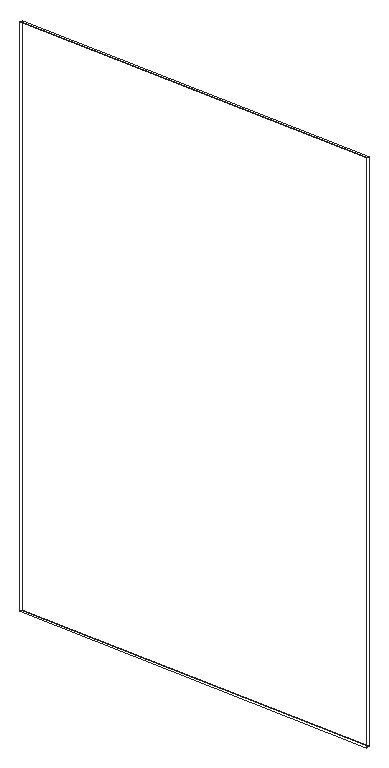
Revit family "Lunar-Single_Glazed_Panels", category Curtain Panels, Revit 2015
Parameters (values of type "Lunar™ LCD Privacy Smart Glass - Single Glazed 9/16" Panel")
  Youtube clip = ""
  Width [instance] = 4' - 4 1/2"
  Weight Net (Kg) = "0"
  Uniformat II Description = "Partitions"
  Uniformat II Code = "C1010"
  Uniclass 2015 Name = "Framed partition systems"
  Uniclass 2015 Code = "Ss_25_10_30"
  Uniclass 2.0 Description = "Framed Partition Systems"
  Uniclass 2.0 Code = "SS-25-10-30"
  Uniclass 1.4 Description = "Partitions, non-structural internal walls"
  Uniclass 1.4 Code = "L384"
  URL = "https://www.avantisystemsusa.com"
  UNSPSC Code = ""
  Type Comments = ""
  Thickness = 0' - 0 9/16"
  Technical description = ""
  Region South America = "All"
  Region Oceania = "All"
  Region North America = "All"
  Region Middle East = "All"
  Region Europe = "All"
  Region Asia = "All"
  Region Antarctica = "All"
  Region Africa = "All"
  QR code = "http://bimobject.com/avantisystems/product/avanti-lunar-lcd-privacy-smart-glass"
  Product url = "https://www.avantisystemsusa.com/glass-products/partition-systems/lcd-privacy-glass/"
  Product group = "LCD Privacy Smart Glass"
  Product family = "Partition Systems"
  Product data url = "https://bimobject.com/avantisystems/product/avanti-lunar-lcd-privacy-smart-glass"
  Product certification = ""
  Product SKU = "avanti-lunar-lcd-privacy-smart-glass"
  Product Guid = "85a3f31c-26a6-4c7e-983f-18423418bcc4"
  Panel Width [instance] = if(Width > Maximum Width, Maximum Width, Width)  # 4' - 4 1/2"
  Panel Height [instance] = if(Height > Maximum Height, Maximum Height, Height)  # 6' - 8"
  OmniClass Description = "Demountable Partitions"
  OmniClass Code = "23-15 11 13"
  Nominal width = 0' - 0"
  Nominal height = 0' - 0"
  NBS Reference Description = ""
  NBS Reference Code = ""
  Model = "Lunar™ LCD Privacy Smart Glass - Single Glazed 9/16\" Panel"
  Maximum Width = 5' - 0"
  Maximum Height = 12' - 0"
  Material secondary = "Aluminium"
  Material main = "Glass"
  Masterformat 2014 Description = "Demountable Partitions"
  Masterformat 2014 Code = "10 22 19"
  Manufacturer name = "Avanti Systems"
  Manufacturer country = ""
  Manufacturer = "Avanti Systems USA"
  Installation instructions = ""
  Inset = 0' - 0"
  IFC Classification = ""
  Height [instance] = 6' - 8"
  Glazing Material = Glass - Avanti - Lunar™ Smart Glass Partition System
  Glass Marker = yes
  Edition number = 1
  EAN code = ""
  Design country = "United States"
  Description = "The system utilizes PDLC technology which allows completely transparent glass to transform to private in 1 milisecond."
  Date of publishing = ""
  COBIe Type Category = ""
  Brand url = "http://www.avantisystemsusa.com/"
  BIMobject main category code = "walls"
  BIMobject main category = "Walls"
  BIMobject category code = "walls-curtain"
  BIMobject category = "Curtain Walls"
  Assembly Code = ""
  Offset = 0' - 0 1/32"
  Panel Area [instance] = Panel Width * Panel Height  # 4200.00 in²
  Analytic Construction = "<None>"
Types (5): name | Thickness | Model
  Lunar™ LCD Privacy Smart Glass - Single Glazed 1/2" Panel | 0' - 0 1/2" | "Lunar™ LCD Privacy Smart Glass - Single Glazed 1/2\" Panel"
  Lunar™ LCD Privacy Smart Glass - Single Glazed 3/4" Panel | 0' - 0 3/4" | "Lunar™ LCD Privacy Smart Glass - Single Glazed 3/4\" Panel"
  Lunar™ LCD Privacy Smart Glass - Single Glazed 3/8" Panel | 0' - 0 3/8" | "Lunar™ LCD Privacy Smart Glass - Single Glazed 3/8\" Panel"
  Lunar™ LCD Privacy Smart Glass - Single Glazed 7/16" Panel | 0' - 0 7/16" | "Lunar™ LCD Privacy Smart Glass - Single Glazed 7/16\" Panel"
  Lunar™ LCD Privacy Smart Glass - Single Glazed 9/16" Panel | 0' - 0 9/16" | "Lunar™ LCD Privacy Smart Glass - Single Glazed 9/16\" Panel"
Reference planes (in)
  plane 1: y = -0.03065
  plane 2: z = 0
  plane 3 "Center (Left/Right)": x = 0
  plane 4 "Left": x = -26.25
  plane 5 "Right": x = 26.25
  plane 6 "Top": z = 80
  plane 7 "Panel Offset": y = 0.0006
  plane 8 "Glass Center E/I": y = 0.0006
  plane 9 "Glass Exterior": y = 0.28185
  plane 10 "Glass Interior": y = -0.28065
  plane 11 "Panel Left": x = -26.25
  plane 12 "Panel Right": x = 26.25
  plane 13: z = 80
Forms (in)
  Extrusion 1, solid, material "Glass - Avanti - Lunar™ Smart Glass Partition System" <- "Glazing Material"
    sketch origin (0, 8.99609, 0) x (1, 0, 0) y (0, 1, 0)
      loop
        line (-26.25, -8.71424) -> (-26.25, -9.27674) -> (26.25, -9.27674) -> (26.25, -8.71424) -> (-26.25, -8.71424)
    from 0 to 80
Lines and regions (in)
  symbolic lines, visible <- "Glass Marker"
    curve 1: line (-2.82843, -0.28123, 37.17157) -> (2.82843, -0.28123, 42.82843)
    curve 2: line (0, -0.28123, 38.15204) -> (1.84796, -0.28123, 40)
    curve 3: line (-1.84796, -0.28123, 40) -> (0, -0.28123, 41.84796)
  symbolic lines, not visible
    curve 4: line (-1.84796, 0.28127, 40) -> (1.84796, 0.28127, 40)
    curve 9: line (-1.84534, 0.28127, 22.66367) -> (1.85057, 0.28127, 22.66367)
  model lines, not visible
    curve 5: line (0, 0.28127, 38.15204) -> (0, 0.28127, 41.84796)
    curve 10: line (0.00262, 0.28127, 20.81572) -> (0.00262, 0.28127, 24.51163)
  symbolic lines, visible <- "Glass Marker", not visible
    curve 6: line (-2.82581, -0.28123, 19.83525) -> (2.83104, -0.28123, 25.4921)
    curve 7: line (0.00262, -0.28123, 20.81572) -> (1.85057, -0.28123, 22.66367)
    curve 8: line (-1.84534, -0.28123, 22.66367) -> (0.00262, -0.28123, 24.51163)
Text (in)
  text "Exterior" at (-52.30548, 24.87723, 0), in view "Base Line"
Dimensions and locks (in)
  equal spacing: plane 4 "Left", plane 3 "Center (Left/Right)", plane 5 "Right"
  "Width": plane 4 "Left" to plane 5 "Right"
  equal spacing: plane 9 "Glass Exterior", plane 8 "Glass Center E/I", plane 10 "Glass Interior"
  "Offset": plane 1 to plane 7 "Panel Offset"
  "Inset": plane 7 "Panel Offset" to plane 8 "Glass Center E/I"
  "Height": plane 6 "Top" to plane 2
  "Panel Height": plane 13 to plane 2
  equal spacing: plane 11 "Panel Left", plane 3 "Center (Left/Right)", plane 12 "Panel Right"
  "Panel Width": plane 11 "Panel Left" to plane 12 "Panel Right"
  "Thickness": plane 9 "Glass Exterior" to plane 10 "Glass Interior"
  equal spacing: Extrusion 1, curve 4, Extrusion 1
  equal spacing: Extrusion 1, curve 5, Extrusion 1
  aligned and locked: plane 11 "Panel Left" to Extrusion 1
  aligned and locked: Extrusion 1 to plane 12 "Panel Right"
  aligned and locked: plane 13 to Extrusion 1
  aligned and locked: plane 9 "Glass Exterior" to Extrusion 1
  aligned and locked: Extrusion 1 to plane 10 "Glass Interior"
Automatic sketch dimensions
  Extrusion 1 sketch curve to plane 4 "Left" = 0' - 0"
  Extrusion 1 sketch curve to plane 5 "Right" = 0' - 0"
  Extrusion 1 sketch curve to plane 9 "Glass Exterior" = 0' - 0"
  Extrusion 1 sketch curve to plane 10 "Glass Interior" = 0' - 0"
